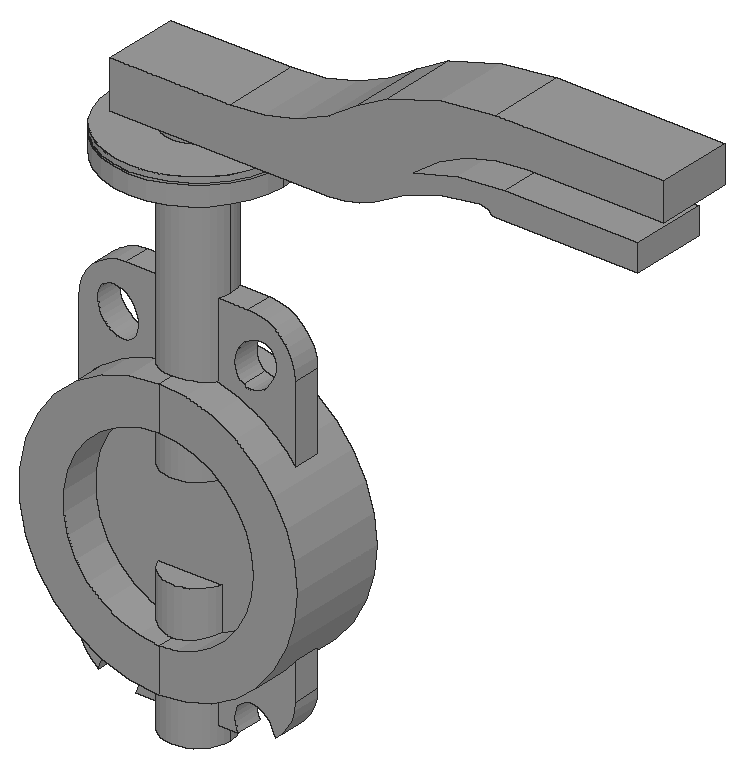
Revit family "2M_Butterfly Valve_UNIVAL_BWN-0202 - 40-600 mm", category Pipe Accessories, Revit 2016
Family settings
  Part Type = Valve - Breaks Into
  Round Connector Dimension = Use Diameter
  OmniClass Number = 23.65.55.14.17
  OmniClass Title = Adjusting/Controlling Valves for Liquid Services
  Work Plane-Based = No
  Always vertical = Yes
  Cut with Voids When Loaded = No
  Shared = No
Parameters (values of type "DN100")
  built-in parameter 1114242 [instance] = 1
  T = -10 mm
  Symbol_consist = E / 30 * 17  # 29.183 mm
  Seat Material = "EPDM / NBR"  # constant formula
  Loss Method = K Coefficient from Table
  Kv = 760
  K Coefficient Table = "Butterfly Valve Full Open"
  Ear_x1 = 32 mm
  Ear_y1 = 40 mm
  URL = "http://www.unival.com.tr/"
  Stem_top_h = 1 mm
  Standard No = "TS EN 593+A1"
  Pressure Rating = "PN16"
  Operator Type = M_Handle - Curved : Lever_260mm
  Model = "BWN-0202X100"
  Max. Working Temperature = "EPDM 120°C (water), NBR 90°C (water and petroleum oil)"
  Max. Working Pressure = "11 Bar"
  Max Diff. Pressure (Allowed) = "3 Bar"
  Manufacturer = "Giacomini Unival\r\nGiacomini Unival"
  Gasket Material = "EPDM / NBR"  # constant formula
  Stem_D = 34.5 mm
  Eclipse_r2 = Eclipse_r1 / 1.3  # 20 mm
  Eclipse_r1 = 26 mm
  Eclipse_l = 36 mm
  Eclipse_h = 86 mm
  EarEdge_r = 25 mm
  EarBottom_h = 90 mm
  Disc_r = DN / 2  # 50 mm
  Disc Material = "Stainless steel"  # constant formula
  Description TR = "Wafer tip kelebek vana"
  Description = "Wafer type butterfly valve"
  DN = 100 mm
  D = 90 mm
  Connection Type = "Wafer"
  Certifications = "TSE EAC CE"
  E = 51.5 mm
  Body Material = "Cast iron"
  Body_r = DN / 2 + 23 mm  # 73 mm
  B = 100 mm
  Eclipse_angle = 30.00°
  A = 180 mm
Types (15, lengths in mm): name | T | Symbol_consist | Kv | Ear_x1 | Ear_y1 | Stem_top_h | Operator Type | Model | Max Diff. Pressure (Allowed) | Stem_D | Eclipse_r2 | Eclipse_r1 | Eclipse_l | Eclipse_h | EarEdge_r | EarBottom_h | Disc_r | DN | D | E | Body_r | B | Eclipse_angle | A
  DN100 | -10 | 29.183 | 760 | 32 | 40 | 1 | M_Handle - Curved : Lever_260mm | "BWN-0202X100" | "3 Bar" | 34.5 | 20 | 26 | 36 | 86 | 25 | 90 | 50 | 100 | 90 | 51.5 | 73 | 100 | 30.00° | 180
  DN250 | -10 | 38.817 | 5050 | 75 | 70 | 26 | M_Handle - Curved : Lever_416mm | "BWN-0202X250" | "1.5 Bar" | 45.888 | 40 | 52 | 70 | 168 | 32 | 180 | 125 | 250 | 125 | 68.5 | 148 | 200 | 30.00° | 274
  DN40 | -10 | 19.55 | 49.5 | 20 | 22 | 1 | M_Handle - Curved : Lever_260mm | "BWN-0202X040" | "3 Bar" | 23.112 | 13.846 | 18 | 20 | 50 | 10 | 54 | 20 | 40 | 90 | 34.5 | 43 | 63.5 | 20.00° | 140
  DN50 | -10 | 24.367 | 115 | 20 | 22 | 1 | M_Handle - Curved : Lever_260mm | "BWN-0202X050" | "3 Bar" | 28.806 | 13.846 | 18 | 22 | 56 | 14 | 60 | 25 | 50 | 90 | 43 | 48 | 68.5 | 30.00° | 140
  DN65 | -10 | 25.5 | 255 | 20 | 22 | 1 | M_Handle - Curved : Lever_260mm | "BWN-0202X065" | "3 Bar" | 30.146 | 13.846 | 18 | 23 | 65 | 14 | 70 | 32.5 | 65 | 90 | 45 | 55.5 | 76 | 30.00° | 152
  DN80 | -10 | 26.067 | 375 | 22 | 22 | 1 | M_Handle - Curved : Lever_260mm | "BWN-0202X080" | "3 Bar" | 30.816 | 15.385 | 20 | 27 | 70 | 20 | 75 | 40 | 80 | 90 | 46 | 63 | 85 | 30.00° | 160
  DN125 | -10 | 31.733 | 1030 | 34 | 36 | 1 | M_Handle - Curved : Lever_260mm | "BWN-0202X125" | "3 Bar" | 37.515 | 21.538 | 28 | 38 | 98 | 28 | 105 | 62.5 | 125 | 90 | 56 | 85.5 | 120 | 30.00° | 191
  DN150 | -10 | 32.017 | 1790 | 42 | 42 | 1 | M_Handle - Curved : Lever_260mm | "BWN-0202X150" | "3 Bar" | 37.85 | 23.077 | 30 | 46 | 110 | 25 | 117 | 75 | 150 | 90 | 56.5 | 98 | 132 | 30.00° | 202
  DN200 | -10 | 34 | 3450 | 56 | 52 | 23 | M_Handle - Curved : Lever_326mm | "BWN-0202X200" | "3 Bar" | 40.194 | 32.308 | 42 | 58 | 136 | 30 | 145 | 100 | 200 | 125 | 60 | 123 | 160 | 30.00° | 237
  DN300 | -10 | 45.05 | 7420 | 80 | 80 | 26 | M_Handle - Curved : Lever_416mm | "BWN-0202X300" | "1.5 Bar" | 53.257 | 44.615 | 58 | 84 | 194 | 40 | 208 | 150 | 300 | 125 | 79.5 | 173 | 230 | 30.00° | 312
  DN350 | -24 | 44.2 | 10300 | 86 | 90 | 1 | M_Gear - Operator  : GearS | "BWN-0202X350" | "" | 52.252 | 53.846 | 70 | 78 | 228 | 44 | 270 | 175 | 350 | 125 | 78 | 198 | 280 | 30.00° | 368
  DN400 | -25 | 49.867 | 14007 | 94 | 90 | 1 | M_Gear - Operator  : GearM | "BWN-0202X400" | "" | 58.951 | 56.923 | 74 | 84 | 256 | 44 | 300 | 200 | 400 | 175 | 88 | 223 | 310 | 30.00° | 400
  DN450 | -26 | 61.767 | 18551 | 94 | 90 | 1 | M_Gear - Operator  : GearM | "BWN-0202X450" | "" | 73.019 | 56.923 | 74 | 86 | 280 | 44 | 330 | 225 | 450 | 175 | 109 | 248 | 340 | 30.00° | 422
  DN500 | -25 | 71.967 | 23853 | 110 | 96 | 1 | M_Gear - Operator  : GearL | "BWN-0202X500" | "" | 85.078 | 64.615 | 84 | 100 | 310 | 50 | 370 | 250 | 500 | 210 | 127 | 273 | 388 | 30.00° | 480
  DN600 | -30 | 87.267 | 36894 | 130 | 130 | 1 | M_Gear - Operator  : GearL | "BWN-0202X600" | "" | 103.165 | 76.923 | 100 | 116 | 376 | 50 | 436 | 300 | 600 | 210 | 154 | 323 | 450 | 30.00° | 562
Reference planes
  plane 1 "Center (Front/Back)": y = 0
  plane 2: z = 0
  plane 3 "Center (Left/Right)": x = 0
  plane 4 "Disk": z = 50
  plane 5 "Disc 2": z = -50
  plane 6 "A": z = 180
  plane 7: z = -100
  plane 8: z = 25
  plane 9: z = -25
  plane 10 "Handle_Plane": z = 181
  plane 11: y = 25.75
  plane 12: y = -25.75
  plane 13: x = -84.994
  plane 14: x = 84.994
Forms (mm)
  Extrusion 1, solid, material "UNIVAL_Grey", detail levels fine
    sketch origin (0, 0, 0) x (1, 0, 0) y (0, 0, 1)
      loop
        circle (0, 0) r 50
    from -5 to 5
  Revolve 2, solid, material "UNIVAL_IRON", detail levels fine
    sketch origin (0, 0, 0) x (0, 1, 0) y (0, 0, 1)
      loop
        line (25.75, 73) -> (-25.75, 73) -> (-25.75, 50) -> (25.75, 50) -> (25.75, 73)
      axis (25.75, 0) -> (-25.75, 0)
    angle from 0 to 360
  Extrusion 3, solid, material "UNIVAL_IRON", detail levels fine
    sketch origin (0, 0, 0) x (1, 0, 0) y (0, 1, 0)
      loop
        circle (0, 0) r 17.25
    from 50 to 180
  Extrusion 4, solid, material "UNIVAL_IRON", detail levels fine
    sketch origin (0, 0, 0) x (1, 0, 0) y (0, 1, 0)
      loop
        circle (0, 0) r 17.25
    from -100 to -50
  Extrusion 5, solid, material "UNIVAL_IRON", detail levels fine
    sketch origin (0, 0, 180) x (1, 0, 0) y (0, 1, 0)
      loop
        circle (0, 0) r 45
    from -10 <- "T" to 0
  Extrusion 6, solid, material "UNIVAL_Grey", detail levels fine
    sketch origin (0, 0, 50) x (-1, 0, 0) y (0, -1, 0)
      loop
        circle (0, 0) r 17.25
    from -25 to 0
  Extrusion 7, solid, material "UNIVAL_Grey", detail levels fine
    sketch origin (0, 0, -50) x (-1, 0, 0) y (0, -1, 0)
      loop
        circle (0, 0) r 17.25
    from 0 to 25
  Extrusion 8, solid, material "UNIVAL_IRON", detail levels fine
    sketch origin (-1351.99, -1524, 180) x (-1, 0, 0) y (0, -1, 0)
      loop
        circle (-1351.99, -1524) r 45
    from 0 to 1 <- "Stem_top_h"
  Extrusion 9, solid, material "UNIVAL_IRON", detail levels fine
    sketch origin (0, 0, 0) x (1, 0, 0) y (0, 0, 1)
      loop
        arc (-32, 110.607) -> (-49.678, 103.285) -> (-57, 85.607) r 25
        line (-57, 85.607) -> (-57, 45.607)
        arc (-57, 45.607) -> (0, 73) -> (57, 45.607) r 73
        line (57, 45.607) -> (57, 85.607)
        arc (57, 85.607) -> (49.678, 103.285) -> (32, 110.607) r 25
        line (32, 110.607) -> (0, 110.607) -> (-32, 110.607)
      loop
        line (-32, -90) -> (0, -90) -> (32, -90)
        arc (32, -90) -> (49.678, -82.678) -> (57, -65) r 25
        line (57, -65) -> (57, -45.607)
        arc (57, -45.607) -> (0, -73) -> (-57, -45.607) r 73
        line (-57, -45.607) -> (-57, -65)
        arc (-57, -65) -> (-49.678, -82.678) -> (-32, -90) r 25
    from -7 to 7
  Extrusion 10, void, detail levels medium+fine
    sketch origin (0, 0, 0) x (1, 0, 0) y (0, 0, 1)
      loop
        spline (29.5, 74.742) -> (31.963, 73.831) -> (34.701, 73.75) -> (37.528, 74.504) -> (40.25, 76.041) -> (42.683, 78.257) -> (44.66, 81) -> (46.047, 84.084) -> (46.75, 87.299) -> (46.72, 90.425) -> (45.959, 93.25) -> (44.52, 95.581) -> (42.5, 97.258)
        spline (42.5, 97.258) -> (40.037, 98.169) -> (37.299, 98.25) -> (34.472, 97.496) -> (31.75, 95.959) -> (29.317, 93.743) -> (27.34, 91) -> (25.953, 87.916) -> (25.25, 84.701) -> (25.28, 81.575) -> (26.041, 78.75) -> (27.48, 76.419) -> (29.5, 74.742)
    from -10 to 10
  Extrusion 11, void, detail levels medium+fine
    sketch origin (0, 0, 0) x (-1, 0, 0) y (0, 0, -1)
      loop
        spline (29.5, -74.742) -> (27.48, -76.419) -> (26.041, -78.75) -> (25.28, -81.575) -> (25.25, -84.701) -> (25.953, -87.916) -> (27.34, -91) -> (29.317, -93.743) -> (31.75, -95.959) -> (34.472, -97.496) -> (37.299, -98.25) -> (40.037, -98.169) -> (42.5, -97.258)
        spline (42.5, -97.258) -> (44.52, -95.581) -> (45.959, -93.25) -> (46.72, -90.425) -> (46.75, -87.299) -> (46.047, -84.084) -> (44.66, -81) -> (42.683, -78.257) -> (40.25, -76.041) -> (37.528, -74.504) -> (34.701, -73.75) -> (31.963, -73.831) -> (29.5, -74.742)
    from -7 to 7
  Extrusion 12, void, detail levels medium+fine
    sketch origin (0, 0, 0) x (1, 0, 0) y (0, 0, 1)
      loop
        spline (29.5, -74.742) -> (27.48, -76.419) -> (26.041, -78.75) -> (25.28, -81.575) -> (25.25, -84.701) -> (25.953, -87.916) -> (27.34, -91) -> (29.317, -93.743) -> (31.75, -95.959) -> (34.472, -97.496) -> (37.299, -98.25) -> (40.037, -98.169) -> (42.5, -97.258)
        spline (42.5, -97.258) -> (44.52, -95.581) -> (45.959, -93.25) -> (46.72, -90.425) -> (46.75, -87.299) -> (46.047, -84.084) -> (44.66, -81) -> (42.683, -78.257) -> (40.25, -76.041) -> (37.528, -74.504) -> (34.701, -73.75) -> (31.963, -73.831) -> (29.5, -74.742)
    from -7 to 7
  Extrusion 13, void, detail levels medium+fine
    sketch origin (0, 0, 0) x (-1, 0, 0) y (0, 0, -1)
      loop
        spline (29.5, 74.742) -> (31.963, 73.831) -> (34.701, 73.75) -> (37.528, 74.504) -> (40.25, 76.041) -> (42.683, 78.257) -> (44.66, 81) -> (46.047, 84.084) -> (46.75, 87.299) -> (46.72, 90.425) -> (45.959, 93.25) -> (44.52, 95.581) -> (42.5, 97.258)
        spline (42.5, 97.258) -> (40.037, 98.169) -> (37.299, 98.25) -> (34.472, 97.496) -> (31.75, 95.959) -> (29.317, 93.743) -> (27.34, 91) -> (25.953, 87.916) -> (25.25, 84.701) -> (25.28, 81.575) -> (26.041, 78.75) -> (27.48, 76.419) -> (29.5, 74.742)
    from -7 to 7
Cuts and joins
  joined: Revolve 2, Extrusion 3, Extrusion 4, Extrusion 5
  joined: Extrusion 1, Extrusion 6, Extrusion 7
  Extrusion 10, Extrusion 11, Extrusion 12, Extrusion 13 cuts Extrusion 9
Lines and regions (mm)
  model lines, detail levels coarse+medium
    curve 1: line (-14.592, 25.75, 0) -> (14.592, 25.75, 0)
    curve 3: line (14.592, -25.75, 0) -> (-14.592, -25.75, 0)
    curve 5: line (-14.592, -25.75, 0) -> (14.592, 25.75, 0)
    curve 6: line (14.592, -25.75, 0) -> (-14.592, 25.75, 0)
  model lines, not visible, detail levels coarse+medium
    curve 2: line (-14.592, -25.75, 0) -> (-14.592, 25.75, 0)
    curve 4: line (14.592, 25.75, 0) -> (14.592, -25.75, 0)
Dimensions and locks
  equal spacing: Revolve 2 sketch curve, plane 1 "Center (Front/Back)", Revolve 2 sketch curve
  "E": Revolve 2 sketch curve to Revolve 2 sketch curve
  "Disc_r": Revolve 2 sketch curve to Revolve 2 sketch curve
  "Body_r": Revolve 2 sketch curve to Revolve 2 sketch curve
  "Disc_r": plane 4 "Disk" to plane 2
  "Disc_r": level to plane 5 "Disc 2"
  "A": plane 6 "A" to plane 2
  "B": level to plane 7
  equal spacing: plane 4 "Disk", plane 8, level
  equal spacing: level, plane 9, plane 5 "Disc 2"
  "Stem_top_h": plane 10 "Handle_Plane" to plane 6 "A"
  "E": plane 12 to plane 11
  equal spacing: plane 12, plane 1 "Center (Front/Back)", plane 11
  "Ear_x1": nested 1 to Extrusion 9 sketch curve
  "Ear_y1": Extrusion 9 sketch curve to Extrusion 9 sketch curve  (x2)
  "Ear_x1": Extrusion 9 sketch curve to plane 3 "Center (Left/Right)"  (x2)
  "Eclipse_l": Extrusion 10 sketch curve to plane 3 "Center (Left/Right)"
  "Eclipse_h": Extrusion 10 sketch curve to level
  "Eclipse_r2": Extrusion 10 sketch curve to Extrusion 10 sketch curve
  "Eclipse_r1": Extrusion 10 sketch curve to Extrusion 10 sketch curve
  "Eclipse_r2": Extrusion 11 sketch curve to Extrusion 11 sketch curve
  "Eclipse_r1": Extrusion 11 sketch curve to Extrusion 11 sketch curve
  "Eclipse_l": plane 3 "Center (Left/Right)" to Extrusion 11 sketch curve
  "Eclipse_h": Extrusion 11 sketch curve to level
  "Eclipse_r2": Extrusion 12 sketch curve to Extrusion 12 sketch curve
  "Eclipse_r1": Extrusion 12 sketch curve to Extrusion 12 sketch curve
  "Eclipse_r2": Extrusion 13 sketch curve to Extrusion 13 sketch curve
  "Eclipse_r1": Extrusion 13 sketch curve to Extrusion 13 sketch curve
  "Eclipse_h": level to Extrusion 12 sketch curve
  "Eclipse_l": Extrusion 12 sketch curve to plane 3 "Center (Left/Right)"
  "Eclipse_l": plane 3 "Center (Left/Right)" to Extrusion 13 sketch curve
  "Eclipse_h": level to Extrusion 13 sketch curve
  equal spacing: Extrusion 9 sketch curve, Extrusion 9 sketch curve, Extrusion 9 sketch curve
  "Ear_x1": plane 3 "Center (Left/Right)" to Extrusion 9 sketch curve
  "EarBottom_h": level to Extrusion 9 sketch curve
  "Symbol_consist": curve 2 to curve 1
  equal spacing: curve 2, plane 3 "Center (Left/Right)", curve 4
  "Disc_r": radius of Extrusion 1 sketch curve
  "Stem_D": diameter of Extrusion 3 sketch curve
  "Stem_D": diameter of Extrusion 4 sketch curve
  "D": diameter of Extrusion 5 sketch curve
  "Stem_D": diameter of Extrusion 6 sketch curve
  "Stem_D": diameter of Extrusion 7 sketch curve
  "D": diameter of Extrusion 8 sketch curve
  "EarEdge_r": radius of Extrusion 9 sketch curve  (x3)
  "Eclipse_angle": angle plane 3 "Center (Left/Right)" to Extrusion 11 sketch curve
  "Eclipse_angle": angle plane 3 "Center (Left/Right)" to Extrusion 12 sketch curve
  "Eclipse_angle": angle Extrusion 13 sketch curve to plane 3 "Center (Left/Right)"
  "Eclipse_angle": angle Extrusion 10 sketch curve to plane 3 "Center (Left/Right)"
  aligned and locked: level to plane 2
  aligned and locked: Revolve 2 sketch curve to level
  aligned and locked: Extrusion 3 to plane 4 "Disk"
  aligned and locked: plane 6 "A" to Extrusion 3
  aligned and locked: plane 5 "Disc 2" to Extrusion 4
  aligned and locked: plane 7 to Extrusion 4
  aligned and locked: Extrusion 6 to Extrusion 3
  aligned and locked: Extrusion 6 to plane 8
  aligned and locked: plane 9 to Extrusion 7
  aligned and locked: Extrusion 7 to plane 5 "Disc 2"
  aligned and locked: Extrusion 9 sketch curve to cut or joined group of Revolve 2, Extrusion 3, Extrusion 4, Extrusion 5  (x2)
Automatic sketch dimensions
  Extrusion 1 sketch curve to level = 0 mm
  Extrusion 1 sketch curve to plane 3 "Center (Left/Right)" = 0 mm
  plane 12 to Revolve 2 sketch curve = 2821.218 mm
  Revolve 2 sketch curve to plane 11 = 1437.719 mm
  plane 1 "Center (Front/Back)" to Extrusion 3 sketch curve = 0 mm
  Extrusion 3 sketch curve to plane 3 "Center (Left/Right)" = 0 mm
  plane 1 "Center (Front/Back)" to Extrusion 4 sketch curve = 0 mm
  Extrusion 4 sketch curve to plane 3 "Center (Left/Right)" = 0 mm
  plane 1 "Center (Front/Back)" to Extrusion 6 sketch curve = 0 mm
  Extrusion 6 sketch curve to plane 3 "Center (Left/Right)" = 0 mm
  plane 1 "Center (Front/Back)" to Extrusion 7 sketch curve = 0 mm
  Extrusion 7 sketch curve to plane 3 "Center (Left/Right)" = 0 mm
  plane 1 "Center (Front/Back)" to Extrusion 8 sketch curve = 0 mm
  Extrusion 8 sketch curve to plane 3 "Center (Left/Right)" = 0 mm
  plane 12 to curve 3 = 0 mm
  plane 11 to curve 2 = 0 mm
  Extrusion 9 sketch curve to plane 3 "Center (Left/Right)" = 0 mm
Nested families
  nested 1: "M_Handle - Curved" at (0, 0, 181), type <- "Operator Type", type "Lever_260mm", detail levels fine
    with Stem_D 34.5 mm
Connectors
  piping at (0, -25.75, 0), diameter 100, driven by "DN"
    settings: on Revolve 2, index 1, connector inside diameter 609.6 mm, connector length 0 mm, flow factor 0, pipe flow 0.0 L/s, pressure drop 0.0 Pa, fitting loss kfactor 0, connector angle 0.00°, fixture units 0, engagement length 0 mm, angle of deflection 0.00°, flow configuration 0, flow direction 0, fitting loss method 0, system type 29, joint type 0, gender type 0, connector reference index 2, connector utility 0, adjustable connector no, is connector primary yes, connector description ""
  piping at (0, 25.75, 0), diameter 100, driven by "DN"
    settings: on Revolve 2, index 2, connector inside diameter 609.6 mm, connector length 0 mm, flow factor 0, pipe flow 0.0 L/s, pressure drop 0.0 Pa, fitting loss kfactor 0, connector angle 0.00°, fixture units 0, engagement length 0 mm, angle of deflection 0.00°, flow configuration 0, flow direction 0, fitting loss method 0, system type 29, joint type 0, gender type 0, connector reference index 1, connector utility 0, adjustable connector no, is connector primary no, connector description ""
Definition of nested family "M_Handle - Curved"
  Parameters (values of type "Lever_326mm")
    Stem_D = 23.112 mm
    L_Handle = 260 mm
    L2 = L1 + 3 mm  # 140 mm
    L1 = 137 mm
    Default Elevation = 1219.2 mm
    D_Handle = 23.112 mm
  Types (3, lengths in mm): name | L_Handle | L2 | L1 | D_Handle
    Lever_260mm | 26 | 74 | 71 | 90
    Lever_326mm | 260 | 140 | 137 | 23.112
    Lever_416mm | 260 | 230 | 227 | 23.112
  Reference planes
    plane 1 "Center (Front/Back)": y = 0
    plane 2: z = 0
    plane 3 "Center (Left/Right)": x = 0
  Forms (mm)
    Extrusion 1, solid
      sketch origin (0, 0, 0) x (1, 0, 0) y (0, 1, 0)
        loop
          line (-360, 340) -> (-360, -334.649) -> (361.39, -334.649) -> (361.39, 340) -> (-360, 340)
      from 0 to -82.308
    Extrusion 2, solid
      sketch origin (-41.968, 0, -746.489) x (1, 0, 0) y (0, 0, 1)
        loop
          line (11.968, 753.489) -> (127.16, 753.489)
          arc (127.16, 753.489) -> (139.188, 755.108) -> (150.552, 759.372) r 54.013
          arc (150.552, 759.372) -> (176.894, 772.229) -> (205.698, 777.663) r 109.864
          arc (205.698, 777.663) -> (208.156, 777.429) -> (210.44, 776.49) r 8.395
          arc (210.44, 776.49) -> (212.221, 774.984) -> (214.509, 774.535) r 4.642
          line (214.509, 774.535) -> (354.509, 774.535) -> (354.509, 788.507) -> (218.712, 788.507)
          arc (218.712, 788.507) -> (194.423, 786.381) -> (170.871, 780.071) r 139.878
          arc (170.871, 780.071) -> (198.908, 796.978) -> (231.113, 802.867) r 90.996
          line (231.113, 802.867) -> (368.113, 802.867) -> (368.113, 822.274) -> (214.272, 822.274)
          arc (214.272, 822.274) -> (185.304, 818.955) -> (157.465, 810.285) r 155.405
          line (157.465, 810.285) -> (141.473, 801.155)
          arc (141.473, 801.155) -> (109.966, 784.24) -> (74.686, 778.393) r 109.363
          line (74.686, 778.393) -> (11.968, 778.393) -> (11.968, 753.489)
      from -20 to 20
    Extrusion 3, solid
      sketch origin (0, 0, 0) x (1, 0, 0) y (0, 1, 0)
        loop
          circle (0, 0) r 11.556
      from 0 to 3
    Extrusion 4, solid
      sketch origin (0, 0, 0) x (1, 0, 0) y (0, 1, 0)
        loop
          circle (0, 0) r 11.556
      from 0 to 7
  Dimensions and locks
    "L2": Extrusion 2 sketch curve to Extrusion 2 sketch curve
    Extrusion 2 to plane 3 "Center (Left/Right)" = 326.145 mm
    "D_Handle": diameter of Extrusion 3 sketch curve
    "D_Handle": diameter of Extrusion 3
    "Stem_D": diameter of Extrusion 4 sketch curve
    aligned and locked: plane 2 to Extrusion 1
    aligned and locked: level to Extrusion 1
    aligned and locked: plane 1 "Center (Front/Back)" to Extrusion 3 sketch curve
    aligned and locked: plane 1 "Center (Front/Back)" to Extrusion 4 sketch curve
    aligned and locked: plane 3 "Center (Left/Right)" to Extrusion 4 sketch curve
  Automatic sketch dimensions
    Extrusion 1 sketch curve to Extrusion 1 sketch curve = 721.39 mm
    Extrusion 1 sketch curve to Extrusion 1 sketch curve = 674.649 mm
    Extrusion 2 sketch curve to plane 3 "Center (Left/Right)" = 30 mm
    plane 3 "Center (Left/Right)" to Extrusion 2 sketch curve = 32.717 mm
    Extrusion 2 sketch curve to Extrusion 2 sketch curve = 51.329 mm
    level to Extrusion 2 sketch curve = 7 mm
    Extrusion 2 sketch curve to Extrusion 2 sketch curve = 1.145 mm
    Extrusion 2 sketch curve to Extrusion 2 sketch curve = 15.459 mm
    Extrusion 2 sketch curve to Extrusion 2 sketch curve = 15.992 mm
    Extrusion 2 sketch curve to Extrusion 2 sketch curve = 48.675 mm
    Extrusion 2 sketch curve to Extrusion 2 sketch curve = 5.341 mm
    Extrusion 2 sketch curve to Extrusion 2 sketch curve = 8.091 mm
    Extrusion 2 sketch curve to Extrusion 2 sketch curve = 0.041 mm
    Extrusion 2 sketch curve to Extrusion 2 sketch curve = 0.278 mm
    Extrusion 2 sketch curve to Extrusion 2 sketch curve = 5.915 mm
    Extrusion 2 sketch curve to Extrusion 2 sketch curve = 4.482 mm
    Extrusion 2 sketch curve to Extrusion 2 sketch curve = 13.718 mm
    Extrusion 2 sketch curve to Extrusion 2 sketch curve = 13.605 mm
    Extrusion 2 sketch curve to level = 34.618 mm
    Extrusion 2 sketch curve to Extrusion 2 sketch curve = 43.92 mm
    Extrusion 2 sketch curve to Extrusion 2 sketch curve = 1.051 mm
    Extrusion 2 sketch curve to Extrusion 2 sketch curve = 18.272 mm
    level to Extrusion 2 sketch curve = 22.79 mm
    Extrusion 2 sketch curve to Extrusion 2 sketch curve = 5.255 mm
    level to Extrusion 2 sketch curve = 31.903 mm
    Extrusion 2 sketch curve to Extrusion 2 sketch curve = 4.633 mm
    Extrusion 2 sketch curve to Extrusion 2 sketch curve = 13.971 mm
    Extrusion 2 sketch curve to Extrusion 2 sketch curve = 47.666 mm
    Extrusion 2 sketch curve to Extrusion 2 sketch curve = 14.361 mm
    Extrusion 2 sketch curve to Extrusion 2 sketch curve = 6.336 mm
    Extrusion 2 sketch curve to Extrusion 2 sketch curve = 9.13 mm
    level to Extrusion 2 sketch curve = 12.883 mm
    Extrusion 2 sketch curve to Extrusion 2 sketch curve = 0 mm
    Extrusion 3 sketch curve to plane 3 "Center (Left/Right)" = 0 mm
